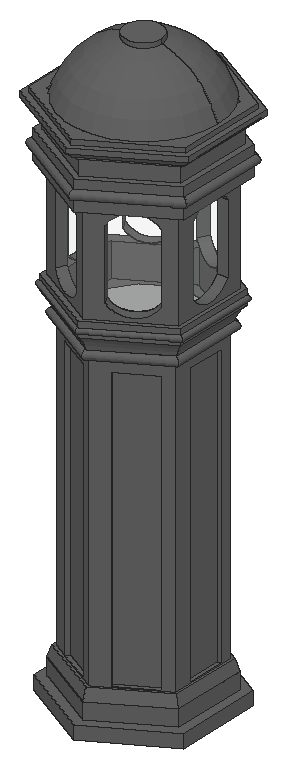
Revit family "ALN", category Lighting Fixtures, host Face, Revit 2014
Parameters (values of type "ALN")
  Width = 7 1/2"
  Wattage Comments = "62W"
  Wattage = 62 W
  Warranty = "Limited 5 Years Warranty"
  built-in parameter 1150110 = 1 (stored number, unit not read)
  Voltage = 120 V
  URL = "https://www.hubbell.com/architecturalarealighting/en/"
  Type Comments = "Lighting Fixture"  # constant formula
  built-in parameter 1114217 = 1 (stored number, unit not read)
  Tilt Angle = 90.00°
  built-in parameter 1150109 = 1 (stored number, unit not read)
  built-in parameter 1150134 = 3
  built-in parameter 1150113 = 1 (stored number, unit not read)
  Copyrights = "Copyright © 2019 Hubbell"  # constant formula
  Contact Us = "https://www.hubbell.com/architecturalarealighting/en/contactUs"
  Body Material = Paint - Hubbell - Carbon Black
  Shaft Height = 42"
  Series = "Spectra Bollard"  # constant formula
  Create Date = "06/07/2019"  # constant formula
  Product Page URL = "https://www.hubbell.com/architecturalarealighting/en/Products/Lighting-Controls/Commercial-Outdoor-Lighting/Bollards/Cast-Aluminum-Bollard/p/220609"
  Product Documentation Link = "https://hubbellcdn.com/specsheet/aal_alnbollard_spec.pdf"
  Photometric Web Link = "https://www.hubbell.com/architecturalarealighting/en/Products/Lighting-Controls/Commercial-Outdoor-Lighting/Bollards/Cast-Aluminum-Bollard/p/220609#prod-photometry-section"
  Photometric Web File = "ALN480W.IES"
  Photometric Notes = "More IES files download on Photometric Web Link"  # constant formula
  OmniClass Title = "Lighting Bollard"  # constant formula
  OmniClass Number = "23.80.70.14.11.11"  # constant formula
  Number of Poles = 1
  Model = "ALN380/481"  # constant formula
  MasterFormat Title = "Parking Lighting, Roadway Lighting, Site Lighting"  # constant formula
  Manufacturer = "Architectural Area Lighting"  # constant formula
  built-in parameter 1150105 = 88.068 (stored number, unit not read)
  Lumens = 1106.7 lm
  built-in parameter 1150115 = 1 (stored number, unit not read)
  Load Classification = Lighting
  built-in parameter 1150137 = (empty or 0)
  built-in parameter 1150139 = (empty or 0)
  built-in parameter 1150112 = 1 (stored number, unit not read)
  built-in parameter 1150114 = 1 (stored number, unit not read)
  Lamp = "METAL HALIDE / HIGH PRESSURE SODIUM"  # constant formula
  built-in parameter 1150132 = (empty or 0)
  built-in parameter 1150102 = (empty or 0)
  built-in parameter 1150107 = 3200 (stored number, unit not read)
  built-in parameter 1150138 = (empty or 0)
  built-in parameter 1150106 = 0.88068 (stored number, unit not read)
  Glass Material = Glass- Lighting-Clear
  Emit from Circle Diameter = 6"  # constant formula
  Emit Shape Visible in Rendering = no
  built-in parameter 1150104 = 1.6583 (stored number, unit not read)
  Dimming Lamp Color Temperature Shift = <None>
  Description = "Cast Aluminum Bollard"  # constant formula
  Default Elevation = 0"
  Color Filter = 16777215
  built-in parameter 1114218 = 1 (stored number, unit not read)
  built-in parameter 1150133 = 10 (stored number, unit not read)
  Assembly Code = "D5020200"
  Apparent Load = 62 VA
Reference planes (in)
  plane 1 "Center (Front/Back)": y = 0
  plane 2: z = 0
  plane 3 "Center (Left/Right)": x = 0.25
  plane 4 "Top of Shaft": z = 42
  plane 5 "Left": x = -7.75
  plane 6 "Right": x = 8.25
  plane 7: x = -7
  plane 8: x = 7.5
  plane 9 "Back": y = 3.75
  plane 10 "Front": y = -3.75
  plane 11: z = 30
  plane 12: z = 34
  plane 13: z = 29
  plane 14: z = 35
  plane 15: x = -3.5
  plane 16: x = 4
Forms (in)
  Extrusion 1, solid, material "Paint - Hubbell - Carbon Black" <- "Body Material"
    sketch origin (0, 0, 42.5) x (-1, 0, 0) y (0, -1, 0)
      loop
        line (-0.25, -6) -> (4.94615, -3) -> (4.94615, 3) -> (-0.25, 6) -> (-5.44615, 3) -> (-5.44615, -3) -> (-0.25, -6)
    from -42.5 to -41.57231
  Extrusion 2, solid, material "Metal-Hubbell-Gray"
    sketch origin (0, 0, 25.5) x (-1, 0, 0) y (0, -1, 0)
      loop
        circle (-0.25, 0) r 3.75
    from -2.5 to -2
  Revolve 3, solid, material "Paint - Hubbell - Carbon Black" <- "Body Material"
    sketch origin (0, 0, -0.75) x (1, 0, 0) y (0, 0, 1)
      loop
        arc (5.39028, 38.07553) -> (3.43323, 40.8056) -> (0.25, 41.87814) r 5.47262
        line (0.25, 41.87814) -> (0.25, 38.07553) -> (5.39028, 38.07553)
      axis (0.25, 41.87814) -> (0.25, 38.07553)
    angle from 0 to 360
  Extrusion 4, solid, material "Paint - Hubbell - Carbon Black" <- "Body Material"
    sketch origin (0, 0, 42.5) x (-1, 0, 0) y (0, -1, 0)
      loop
        line (-0.25, -5.25) -> (4.29663, -2.625) -> (4.29663, 2.625) -> (-0.25, 5.25) -> (-4.79663, 2.625) -> (-4.79663, -2.625) -> (-0.25, -5.25)
    from -41.57231 to -40.43247
  Extrusion 5, solid, material "Paint - Hubbell - Carbon Black" <- "Body Material"
    sketch origin (0, 0, 42.5) x (-1, 0, 0) y (0, -1, 0)
      loop
        line (-0.25, -4.75) -> (3.86362, -2.375) -> (3.86362, 2.375) -> (-0.25, 4.75) -> (-4.36362, 2.375) -> (-4.36362, -2.375) -> (-0.25, -4.75)
    from -40.43247 to -19
  Extrusion 6, void
    sketch origin (0.65764, 5.56987, 0) x (-0.869521, 0.493896, 0) y (0, 0, 1)
      loop
        line (-0.79118, 2.85212) -> (-0.79118, 22.35212) -> (-3.54118, 22.35212) -> (-3.54118, 2.85212) -> (-0.79118, 2.85212)
    from -1.24931 to -0.28849
  Extrusion 7, void
    sketch origin (-4.36983, 3.13796, 0) x (-0.862487, -0.50608, 0) y (0, 0, 1)
      loop
        line (-0.79118, 2.85212) -> (-0.79118, 22.35212) -> (-3.54118, 22.35212) -> (-3.54118, 2.85212) -> (-0.79118, 2.85212)
    from -1.24931 to -0.28849
  Extrusion 8, void
    sketch origin (-4.77747, -2.43191, 0) x (0.007034, -0.999975, 0) y (0, 0, 1)
      loop
        line (-0.79118, 2.85212) -> (-0.79118, 22.35212) -> (-3.54118, 22.35212) -> (-3.54118, 2.85212) -> (-0.79118, 2.85212)
    from -1.24931 to -0.28849
  Extrusion 9, void
    sketch origin (-0.15764, -5.56987, 0) x (0.869521, -0.493896, 0) y (0, 0, 1)
      loop
        line (-0.79118, 2.85212) -> (-0.79118, 22.35212) -> (-3.54118, 22.35212) -> (-3.54118, 2.85212) -> (-0.79118, 2.85212)
    from -1.24931 to -0.28849
  Extrusion 10, void
    sketch origin (4.86983, -3.13796, 0) x (0.862487, 0.50608, 0) y (0, 0, 1)
      loop
        line (-0.79118, 2.85212) -> (-0.79118, 22.35212) -> (-3.54118, 22.35212) -> (-3.54118, 2.85212) -> (-0.79118, 2.85212)
    from -1.24931 to -0.28849
  Extrusion 11, void
    sketch origin (5.27747, 2.43191, 0) x (-0.007034, 0.999975, 0) y (0, 0, 1)
      loop
        line (-0.79118, 2.85212) -> (-0.79118, 22.35212) -> (-3.54118, 22.35212) -> (-3.54118, 2.85212) -> (-0.79118, 2.85212)
    from -1.24931 to -0.28849
  Blend 12, solid, material "Paint - Hubbell - Carbon Black" <- "Body Material"
    base sketch origin (0, 0, 0) x (1, 0, 0) y (0, 1, 0)
      loop
        line (0.25, 5.25) -> (-4.29663, 2.625) -> (-4.29663, -2.625) -> (0.25, -5.25) -> (4.79663, -2.625) -> (4.79663, 2.625) -> (0.25, 5.25)
    top sketch origin (0, 0, 0) x (1, 0, 0) y (0, 1, 0)
      loop
        line (-4.08013, -2.5) -> (0.25, -5) -> (4.58013, -2.5) -> (4.58013, 2.5) -> (0.25, 5) -> (-4.08013, 2.5) -> (-4.08013, -2.5)
    from 2.06753 to 2.85212
  Blend 13, solid, material "Paint - Hubbell - Carbon Black" <- "Body Material"
    base sketch origin (0, 0, 44.75) x (-1, 0, 0) y (0, -1, 0)
      loop
        line (-0.25, -5.25) -> (4.29663, -2.625) -> (4.29663, 2.625) -> (-0.25, 5.25) -> (-4.79663, 2.625) -> (-4.79663, -2.625) -> (-0.25, -5.25)
    top sketch origin (0, 0, 44.75) x (-1, 0, 0) y (0, -1, 0)
      loop
        line (4.29663, 2.625) -> (-0.25, 5.25) -> (-4.79663, 2.625) -> (-4.79663, -2.625) -> (-0.25, -5.25) -> (4.29663, -2.625) -> (4.29663, 2.625)
    from -11.84385 to -19
  Sweep 14, solid, material "Paint - Hubbell - Carbon Black" <- "Body Material"
    path in 3D
      loop
        line (4.36362, -2.375, 23.5) -> (4.36362, 2.375, 23.5) -> (0.25, 4.75, 23.5) -> (-3.86362, 2.375, 23.5) -> (-3.86362, -2.375, 23.5) -> (0.25, -4.75, 23.5) -> (4.36362, -2.375, 23.5)
    profile origin (2.30681, -3.5625, 23.5) x (-0.5, 0.866025, 0) y (0, 0, 1)
      loop
        arc (-0.1875, 0.25) -> (-0.48348, -0.04598) -> (-0.1875, -0.34196) r 0.29598
        line (-0.1875, -0.34196) -> (-0.01783, -0.34196) -> (-0.01783, 2.2833) -> (-0.76783, 2.2833) -> (-0.76783, 1.90351)
        arc (-0.76783, 1.90351) -> (-0.967, 1.70433) -> (-0.76783, 1.50516) r 0.19917
        line (-0.76783, 1.50516) -> (-0.76783, 1.25516)
        arc (-0.76783, 1.25516) -> (-0.39574, 0.79988) -> (-0.1875, 0.25) r 1.82736
  Extrusion 15, void
    sketch origin (-2.68606, 2.00704, 2.25) x (0.851518, 0.524326, 0) y (0, 0, 1)
      loop
        line (2.97948, 24.58856) -> (2.97948, 29.41144)
        arc (2.97948, 29.41144) -> (1.41698, 30.25001) -> (-0.14552, 29.41144) r 1.87498
        line (-0.14552, 29.41144) -> (-0.14552, 24.58856)
        arc (-0.14552, 24.58856) -> (1.41698, 23.74999) -> (2.97948, 24.58856) r 1.87498
    from -2.14514 to -0.56923
  Extrusion 16, void
    sketch origin (0.52012, 3.54622, 2.25) x (0.879838, -0.475273, 0) y (0, 0, 1)
      loop
        line (2.97948, 24.58856) -> (2.97948, 29.41144)
        arc (2.97948, 29.41144) -> (1.41698, 30.25001) -> (-0.14552, 29.41144) r 1.87498
        line (-0.14552, 29.41144) -> (-0.14552, 24.58856)
        arc (-0.14552, 24.58856) -> (1.41698, 23.74999) -> (2.97948, 24.58856) r 1.87498
    from -2.14514 to -0.56923
  Extrusion 17, void
    sketch origin (3.45618, 1.53918, 2.25) x (0.028321, -0.999599, 0) y (0, 0, 1)
      loop
        line (2.97948, 24.58856) -> (2.97948, 29.41144)
        arc (2.97948, 29.41144) -> (1.41698, 30.25001) -> (-0.14552, 29.41144) r 1.87498
        line (-0.14552, 29.41144) -> (-0.14552, 24.58856)
        arc (-0.14552, 24.58856) -> (1.41698, 23.74999) -> (2.97948, 24.58856) r 1.87498
    from -2.14514 to -0.56923
  Extrusion 18, void
    sketch origin (3.18606, -2.00704, 2.25) x (-0.851518, -0.524326, 0) y (0, 0, 1)
      loop
        line (2.97948, 24.58856) -> (2.97948, 29.41144)
        arc (2.97948, 29.41144) -> (1.41698, 30.25001) -> (-0.14552, 29.41144) r 1.87498
        line (-0.14552, 29.41144) -> (-0.14552, 24.58856)
        arc (-0.14552, 24.58856) -> (1.41698, 23.74999) -> (2.97948, 24.58856) r 1.87498
    from -2.14514 to -0.56923
  Extrusion 19, void
    sketch origin (-0.02012, -3.54622, 2.25) x (-0.879838, 0.475273, 0) y (0, 0, 1)
      loop
        line (2.97948, 24.58856) -> (2.97948, 29.41144)
        arc (2.97948, 29.41144) -> (1.41698, 30.25001) -> (-0.14552, 29.41144) r 1.87498
        line (-0.14552, 29.41144) -> (-0.14552, 24.58856)
        arc (-0.14552, 24.58856) -> (1.41698, 23.74999) -> (2.97948, 24.58856) r 1.87498
    from -2.14514 to -0.56923
  Extrusion 20, void
    sketch origin (-2.95618, -1.53918, 2.25) x (-0.028321, 0.999599, 0) y (0, 0, 1)
      loop
        line (2.97948, 24.58856) -> (2.97948, 29.41144)
        arc (2.97948, 29.41144) -> (1.41698, 30.25001) -> (-0.14552, 29.41144) r 1.87498
        line (-0.14552, 29.41144) -> (-0.14552, 24.58856)
        arc (-0.14552, 24.58856) -> (1.41698, 23.74999) -> (2.97948, 24.58856) r 1.87498
    from -2.14514 to -0.56923
  Sweep 21, solid, material "Paint - Hubbell - Carbon Black" <- "Body Material"
    path in 3D
      loop
        line (0.25, 5.25, 32.90615) -> (4.79663, 2.625, 32.90615) -> (4.79663, -2.625, 32.90615) -> (0.25, -5.25, 32.90615) -> (-4.29663, -2.625, 32.90615) -> (-4.29663, 2.625, 32.90615) -> (0.25, 5.25, 32.90615)
    profile origin (-2.02332, 3.9375, 32.90615) x (-0.5, 0.866025, 0) y (0, 0, 1)
      loop
        line (0.25, -0.13099) -> (0.68844, -0.13099) -> (0.68844, 0.62439)
        arc (0.68844, 0.62439) -> (1.00094, 0.93689) -> (0.68844, 1.24939) r 0.3125
        line (0.68844, 1.24939) -> (0.68844, 1.87439) -> (0.25, 1.87439) -> (0.25, 2.9874) -> (0.46225, 2.9874) -> (0.46225, 3.29173) -> (0.81064, 3.29173)
        arc (0.81064, 3.29173) -> (1.03399, 3.52586) -> (1.28411, 3.73115) r 2.66043
        line (1.28411, 3.73115) -> (1.28411, 4.09991) -> (0.87369, 4.09991) -> (0.87369, 4.42749) -> (0.25, 4.42749) -> (0, 4.42749) -> (0, -0.13099) -> (0.25, -0.13099)
  Extrusion 22, solid, material "Paint - Hubbell - Carbon Black" <- "Body Material"
    sketch origin (0, 0, 42.5) x (-1, 0, 0) y (0, -1, 0)
      loop
        circle (-0.25, 0) r 1.25
    from -1.7815 to -1.24747
Cuts and joins
  Extrusion 6, Extrusion 7, Extrusion 8, Extrusion 9, Extrusion 10, Extrusion 11 cuts Extrusion 5
  Extrusion 15, Extrusion 16, Extrusion 17, Extrusion 18, Extrusion 19, Extrusion 20 cuts Blend 13
Lines and regions (in)
  sketch lines
    curve 1: line (0.25, -4.75, 23.5) -> (4.36362, -2.375, 23.5)
    curve 2: line (4.36362, -2.375, 23.5) -> (4.36362, 2.375, 23.5)
    curve 3: line (-3.86362, -2.375, 23.5) -> (0.25, -4.75, 23.5)
    curve 4: line (-3.86362, 2.375, 23.5) -> (-3.86362, -2.375, 23.5)
    curve 5: line (0.25, 4.75, 23.5) -> (-3.86362, 2.375, 23.5)
    curve 6: line (4.36362, 2.375, 23.5) -> (0.25, 4.75, 23.5)
    curve 7: line (-4.29663, 2.625, 32.90615) -> (0.25, 5.25, 32.90615)
    curve 8: line (0.25, 5.25, 32.90615) -> (4.79663, 2.625, 32.90615)
    curve 9: line (4.79663, 2.625, 32.90615) -> (4.79663, -2.625, 32.90615)
    curve 10: line (4.79663, -2.625, 32.90615) -> (0.25, -5.25, 32.90615)
    curve 11: line (0.25, -5.25, 32.90615) -> (-4.29663, -2.625, 32.90615)
    curve 12: line (-4.29663, -2.625, 32.90615) -> (-4.29663, 2.625, 32.90615)
Dimensions and locks (in)
  equal spacing: plane 5 "Left", plane 3 "Center (Left/Right)", plane 6 "Right"
  plane 5 "Left" to plane 6 "Right" = 16"  (x2)
  "Shaft Height": plane 4 "Top of Shaft" to plane 2
  equal spacing: plane 7, plane 3 "Center (Left/Right)", plane 8
  plane 7 to plane 8 = 14 1/2"
  plane 4 "Top of Shaft" to plane 11 = 12"
  plane 12 to plane 11 = 4"
  plane 4 "Top of Shaft" to plane 2 = 42"
  plane 11 to plane 2 = 30"
  plane 12 to plane 2 = 34"
  locked: plane 14 to plane 12 at 1
  locked: plane 11 to plane 13 at 1
  plane 9 "Back" to plane 10 "Front" = 7 1/2"
  equal spacing: plane 9 "Back", plane 1 "Center (Front/Back)", plane 10 "Front"
  plane 15 to plane 16 = 7 1/2"
  aligned and locked: plane 2 to host face
  aligned and locked: level to host face
  aligned and locked: plane 1 "Center (Front/Back)" to imposter light
  aligned and locked: imposter light to plane 3 "Center (Left/Right)"
  aligned and locked: imposter light to plane 11
Automatic sketch dimensions
  host sketch curve to host sketch curve = 96"  (x2)
  plane 1 "Center (Front/Back)" to Extrusion 2 sketch curve = 0"
  Extrusion 2 sketch curve to plane 3 "Center (Left/Right)" = 0"
  Extrusion 6 sketch curve to Extrusion 6 sketch curve = 2 3/4"
  Extrusion 6 sketch curve to Extrusion 6 sketch curve = 19 1/2"
  Extrusion 7 sketch curve to Extrusion 7 sketch curve = 2 3/4"
  Extrusion 7 sketch curve to Extrusion 7 sketch curve = 19 1/2"
  Extrusion 8 sketch curve to Extrusion 8 sketch curve = 2 3/4"
  Extrusion 8 sketch curve to Extrusion 8 sketch curve = 19 1/2"
  Extrusion 9 sketch curve to Extrusion 9 sketch curve = 2 3/4"
  Extrusion 9 sketch curve to Extrusion 9 sketch curve = 19 1/2"
  Extrusion 10 sketch curve to Extrusion 10 sketch curve = 2 3/4"
  Extrusion 10 sketch curve to Extrusion 10 sketch curve = 19 1/2"
  Extrusion 11 sketch curve to Extrusion 11 sketch curve = 2 3/4"
  Extrusion 11 sketch curve to Extrusion 11 sketch curve = 19 1/2"
  level to Extrusion 9 sketch curve = 2.85212"
  level to Extrusion 10 sketch curve = 2.85212"
  level to Extrusion 8 sketch curve = 2.85212"
  level to Extrusion 7 sketch curve = 2.85212"
  level to Extrusion 11 sketch curve = 2.85212"
  Blend 12 sketch curve to plane 3 "Center (Left/Right)" = 0"  (x2)
  Blend 12 sketch curve to plane 15 = 0.79663"
  plane 16 to Blend 12 sketch curve = 0.79663"
  Blend 12 sketch curve to plane 10 "Front" = 1 1/2"
  plane 10 "Front" to Blend 12 sketch curve = 1 1/8"  (x2)
  Blend 12 sketch curve to plane 9 "Back" = 1 1/8"  (x2)
  plane 9 "Back" to Blend 12 sketch curve = 1 1/2"
  level to Extrusion 6 sketch curve = 2.85212"
  Blend 13 sketch curve to plane 3 "Center (Left/Right)" = 0"  (x2)
  Blend 13 sketch curve to plane 10 "Front" = 1 1/2"
  plane 16 to Blend 13 sketch curve = 0.79663"
  plane 10 "Front" to Blend 13 sketch curve = 1 1/8"  (x2)
  Blend 13 sketch curve to plane 9 "Back" = 1 1/8"  (x2)
  plane 9 "Back" to Blend 13 sketch curve = 1 1/2"
  Blend 13 sketch curve to plane 15 = 0.79663"
  Extrusion 15 sketch curve to Extrusion 15 sketch curve = 1 9/16"  (x3)
  Extrusion 15 sketch curve to Extrusion 15 sketch curve = 1.0364"  (x2)
  Extrusion 15 sketch curve to Extrusion 15 sketch curve = 2.75007"
  Extrusion 16 sketch curve to Extrusion 16 sketch curve = 1 9/16"  (x3)
  Extrusion 16 sketch curve to Extrusion 16 sketch curve = 1.0364"  (x2)
  Extrusion 16 sketch curve to Extrusion 16 sketch curve = 2.75007"
  Extrusion 17 sketch curve to Extrusion 17 sketch curve = 1 9/16"  (x3)
  Extrusion 17 sketch curve to Extrusion 17 sketch curve = 1.0364"  (x2)
  Extrusion 17 sketch curve to Extrusion 17 sketch curve = 2.75007"
  Extrusion 18 sketch curve to Extrusion 18 sketch curve = 1 9/16"  (x3)
  Extrusion 18 sketch curve to Extrusion 18 sketch curve = 1.0364"  (x2)
  Extrusion 18 sketch curve to Extrusion 18 sketch curve = 2.75007"
  Extrusion 19 sketch curve to Extrusion 19 sketch curve = 1 9/16"  (x3)
  Extrusion 19 sketch curve to Extrusion 19 sketch curve = 1.0364"  (x2)
  Extrusion 19 sketch curve to Extrusion 19 sketch curve = 2.75007"
  Extrusion 20 sketch curve to Extrusion 20 sketch curve = 1 9/16"  (x3)
  Extrusion 20 sketch curve to Extrusion 20 sketch curve = 1.0364"  (x2)
  Extrusion 20 sketch curve to Extrusion 20 sketch curve = 2.75007"
  Extrusion 16 sketch curve to plane 12 = 2.33856"
  Extrusion 17 sketch curve to plane 12 = 2.33856"
  Extrusion 15 sketch curve to plane 12 = 2.33856"
  Extrusion 20 sketch curve to plane 12 = 2.33856"
  Extrusion 19 sketch curve to plane 12 = 2.33856"
  Extrusion 18 sketch curve to plane 12 = 2.33856"
  Sweep 21 sketch curve to profile plane = 1/4"  (x3)
  profile plane to Sweep 21 sketch curve = 0"
  Sweep 21 sketch curve to profile plane = 0.46225"
  Sweep 21 sketch curve to profile plane = 0.68844"
  Sweep 21 sketch curve to Sweep 21 sketch curve = 0.34839"
  Sweep 21 sketch curve to Sweep 21 sketch curve = 0.62369"
  Sweep 21 sketch curve to Sweep 21 sketch curve = 0.41041"
  Sweep 21 sketch curve to Sweep 21 sketch curve = 2.15531"
  profile plane to Sweep 21 sketch curve = 0.62439"
  Sweep 21 sketch curve to Sweep 21 sketch curve = 5/16"
  profile plane to Sweep 21 sketch curve = 1.57583"
  Sweep 21 sketch curve to Sweep 21 sketch curve = 5/8"
  Sweep 21 sketch curve to Sweep 21 sketch curve = 1.11302"
  Sweep 21 sketch curve to Sweep 21 sketch curve = 0.30433"
  Sweep 21 sketch curve to Sweep 21 sketch curve = 0.36877"
  Sweep 21 sketch curve to Sweep 21 sketch curve = 0.32758"
  Sweep 21 sketch curve to profile plane = 0.13099"
  profile plane to Sweep 14 sketch curve = 3/16"
  profile plane to Sweep 14 sketch curve = 0.76783"
  Sweep 14 sketch curve to profile plane = 0.1138"
  profile plane to Sweep 14 sketch curve = 1.97828"
  profile plane to Sweep 14 sketch curve = 0.01783"
  Sweep 14 sketch curve to profile plane = 0.04598"
  Sweep 14 sketch curve to Sweep 14 sketch curve = 1/4"
  Sweep 14 sketch curve to Sweep 14 sketch curve = 0.19917"
  Sweep 14 sketch curve to Sweep 14 sketch curve = 0.3798"
  Sweep 14 sketch curve to Sweep 14 sketch curve = 0.29598"
  plane 1 "Center (Front/Back)" to Extrusion 22 sketch curve = 0"
  Extrusion 22 sketch curve to plane 3 "Center (Left/Right)" = 0"
  Revolve 3 sketch curve to plane 3 "Center (Left/Right)" = 0"  (x2)
  Revolve 3 sketch curve to plane 3 "Center (Left/Right)" = 0.07146"
  plane 14 to Revolve 3 sketch curve = 0.65599"
  plane 16 to Revolve 3 sketch curve = 1.39028"
  level to Revolve 3 sketch curve = 9 1/4"
  Revolve 3 sketch curve to plane 4 "Top of Shaft" = 0.87186"
  plane 4 "Top of Shaft" to Revolve 3 sketch curve = 12 1/4"
  radius of Extrusion 2 sketch curve = 3 3/4"
  radius of Extrusion 22 sketch curve = 1 1/4"
Connectors (in)
  electrical at (0.25, 0, 0), driven by "Apparent Load", driven by "Voltage"
    settings: on Extrusion 1, index 1, voltage 120 V, apparent load 62 VA, apparent load phase1 0 VA, apparent load phase2 0 VA, apparent load phase3 0 VA, power factor 1, load classification "Other", number of poles 1, system type 30, power factor state 1, is connector primary yes, connector utility no, sub classification motor no, connector description "Light Fixture Connector"
